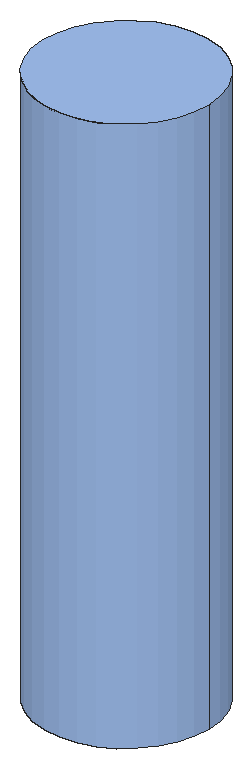
Revit family "$Player_Sheep", category Generic Models, Revit 2020
Family settings
  Can host rebar = No
  Round Connector Dimension = Use Diameter
  Part Type = Normal
  Work Plane-Based = No
  Always vertical = Yes
  Cut with Voids When Loaded = No
  Shared = No
  Room Calculation Point = No
Parameters (values of type "SD")
  yes = 2 > 1  # yes
  show_standard [instance] = not(show_overweight)  # yes
  show_overweight [instance] = _property_is_overweight  # no
  no = not(yes)  # no
  mat. = team #1
  _property_team = "team #1"
  _property_positionID = -50
  _property_name = "Jennifer"
  _property_luck = 50
  _property_is_overweight = no
  _property_hold_status = "Starter"
  _property_hold_amount = 1
  _asset_tools = ""
  _asset_skills = ""
  _asset_money = 1000
  _asset_direction = 1
  Default Elevation = 0 mm
Reference planes
  plane 1 "Center (Front/Back)": y = 0
  plane 2: z = 0
  plane 3 "Center (Left/Right)": x = 0
Forms (mm)
  Extrusion 1, solid, material "team #1" <- "mat.", visible <- "show_standard"
    sketch origin (0, 0, 0) x (1, 0, 0) y (0, 1, 0)
      loop
        circle (0, 0) r 260
    from 0 to 1750
  Extrusion 2, solid, material "team #1" <- "mat.", visible <- "show_overweight"
    sketch origin (0, 0, 0) x (1, 0, 0) y (0, 1, 0)
      loop
        circle (0, 0) r 500
    from 0 to 1300
Dimensions and locks
  aligned and locked: plane 2 to level
  aligned and locked: plane 1 "Center (Front/Back)" to nested 1
  aligned and locked: plane 3 "Center (Left/Right)" to nested 1
Nested families
  nested 1: "NAME_SYMBOL" at (0, 0, 0), _property_name <- "_property_name", _property_positionID <- "_property_positionID", type "NAME_SYMBOL"
    with _property_positionID -50, _property_name "Jennifer"
Definition of nested family "NAME_SYMBOL"
  Parameters (values of type "NAME_SYMBOL")
    _property_positionID [instance] = 0
    _property_name [instance] = ""
  Reference planes
    plane 1: y = 0
    plane 2: x = 0
  Lines and regions (mm)
    detail lines
      curve 1: line (-15, -5, 0) -> (15, -5, 0)
      curve 2: line (-15, 5, 0) -> (-15, -5, 0)
      curve 3: line (15, 5, 0) -> (-15, 5, 0)
      curve 4: line (15, -5, 0) -> (15, 5, 0)
  Text (mm)
    label "A\npositionID = _property_positionID" at (0.077, 0.299, 0), shows "_property_name", "_property_positionID"
